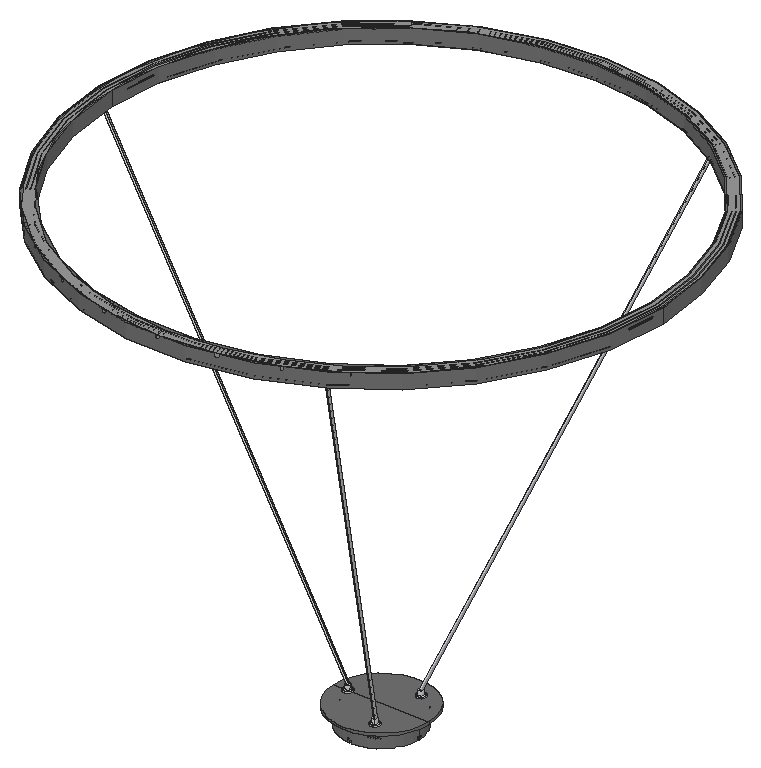
Revit family "_VRD__Vicky_Ring_Downward_100W_3000K_BK", category Lighting Fixtures, host Face, Revit 2022
Family settings
  Host = Face
  Round Connector Dimension = Use Diameter
  Part Type = Normal
  Cut with Voids When Loaded = No
  Light Source = Yes
  Maintain Annotation Orientation = No
  Shared = No
  Room Calculation Point = No
Parameters (values of type "VRD-10059-30901-ACPMK-BK")
  Wattage Comments = "100W"
  Wattage = 57.2229 W
  built-in parameter 1150110 = 1 (stored number, unit not read)
  Voltage = "120-277 V"  # constant formula
  URL = "https://www.abovealllighting.com/product/LED-INDOOR-FIXTURE/Ring/VRDVickyRingDownwardLight.html"
  Type Comments = "Vicky Ring Downward Light"  # constant formula
  built-in parameter 1114217 = 1 (stored number, unit not read)
  Tilt Angle = -90.00°
  built-in parameter 1150109 = 1 (stored number, unit not read)
  built-in parameter 1150134 = (empty or 0)
  built-in parameter 1150113 = 1 (stored number, unit not read)
  Power Factor = 1
  Photometric Web File = "VRD-10059-30901.ies"
  Order number = ""
  Model = "VRD-10059-30901-ACPMK-BK"
  Manufacturer = "Above All Lighting"  # constant formula
  built-in parameter 1150105 = 676.41 (stored number, unit not read)
  Lumens = 8500 lm
  built-in parameter 1150115 = 1 (stored number, unit not read)
  Load Classification = Lighting
  built-in parameter 1150137 = (empty or 0)
  built-in parameter 1150139 = (empty or 0)
  built-in parameter 1150112 = 1 (stored number, unit not read)
  built-in parameter 1150114 = 1 (stored number, unit not read)
  Inside Body Material = none
  Inside Body = no
  Inner Diameter = (Fixture Diameter / 2) - 0' 1 77/256"  # 2' - 4 1/4"
  built-in parameter 1150132 = 2
  built-in parameter 1150102 = (empty or 0)
  built-in parameter 1150107 = 3000 (stored number, unit not read)
  built-in parameter 1150138 = (empty or 0)
  built-in parameter 1150106 = 6.7641 (stored number, unit not read)
  IP Rating = "20"  # constant formula
  H2 = Fixture Height - Canopy Height - 0' 0 67/128"  # 3' - 9 61/128"
  H1 = sqrt((B2 ^ 2) + (H2 ^ 2))  # 4' - 4.31274"
  Fixture Width = 0' - 0"
  Fixture Height = 4' - 0"  # constant formula
  Fixture Diameter = 4' - 11 13/128"
  Finish/Color = Aluminum
  built-in parameter 1150104 = 13.8 (stored number, unit not read)
  Dimming Lamp Color Temperature Shift = <None>
  Dimming / Control = "0-10V"  # constant formula
  Description = "The Vicky Ring light is a unique ring-style light with an LED light source illuminating downward"  # constant formula
  Default Elevation = 0' - 3 1/2"
  D2 = D1 - 0' 1 1/2"  # 0' - 3 1/2"
  D1 = 0' - 5"
  Color Filter = 16777215
  Canopy Height = 0' - 2"
  CRI = "90"  # constant formula
  built-in parameter 1114218 = 1 (stored number, unit not read)
  B2 = B1 - B  # 2' - 1 219/256"
  B1 = (Fixture Diameter / 2) - 0' 0 25/128"  # 2' - 5 91/256"
  B = D1 - 0' 1 1/2"  # 0' - 3 1/2"
  Average life based on 77F(HRS) = "50000"  # constant formula
  built-in parameter 1150133 = 10 (stored number, unit not read)
  Apparent Load = 125 VA
Reference planes (in)
  plane 1 "Center (Front/Back)": y = 0
  plane 2: z = 0
  plane 3 "Center (Left/Right)": x = 0
  plane 4: z = 48
  plane 5: z = 2
  plane 6: x = -3.5
  plane 7: x = -29.35547
  plane 8: z = 49.5
  plane 9: y = -29.35547
  plane 10: y = 29.35547
  plane 11: y = 3.5
  plane 12: y = -3.5
  plane 13: through (0, 0, 48) normal (0.866, 0.5, 0)
  plane 14: through (3.45221, -5.9794, 48) normal (-0.5, 0.866, 0)
Forms (in)
  Revolve 1, solid, material "Aluminum" <- "Finish/Color"
    sketch origin (0, 0, 0) x (1, 0, 0) y (0, 0, 1)
      loop
        line (0, 2) -> (-5, 2) -> (-5, 1.75) -> (-4, 1.75) -> (-4, 0) -> (-3.5, 0) -> (-3.5, 1.75) -> (0, 1.75) -> (0, 2)
      axis (0, 2) -> (0, 0)
    angle from 0 to 360
  Extrusion 2, void
    sketch origin (0, 0, 0) x (1, 0, 0) y (0, 0, 1)
      loop
        line (1.54492, 0.93157) -> (1.65045, 0.93157)
        arc (1.65045, 0.93157) -> (1.66515, 0.93766) -> (1.67124, 0.95236) r 0.02079
        line (1.67124, 0.95236) -> (1.67124, 1.5478)
        arc (1.67124, 1.5478) -> (1.66528, 1.5622) -> (1.65088, 1.56816) r 0.02036
        line (1.65088, 1.56816) -> (1.5441, 1.56816)
        arc (1.5441, 1.56816) -> (1.53013, 1.56238) -> (1.52434, 1.5484) r 0.01976
        line (1.52434, 1.5484) -> (1.52434, 0.95215)
        arc (1.52434, 0.95215) -> (1.53037, 0.9376) -> (1.54492, 0.93157) r 0.02058
      loop
        line (1.79492, 0.93157) -> (1.90045, 0.93157)
        arc (1.90045, 0.93157) -> (1.91515, 0.93766) -> (1.92124, 0.95236) r 0.02079
        line (1.92124, 0.95236) -> (1.92124, 1.5478)
        arc (1.92124, 1.5478) -> (1.91528, 1.5622) -> (1.90088, 1.56816) r 0.02036
        line (1.90088, 1.56816) -> (1.7941, 1.56816)
        arc (1.7941, 1.56816) -> (1.78013, 1.56238) -> (1.77434, 1.5484) r 0.01976
        line (1.77434, 1.5484) -> (1.77434, 0.95215)
        arc (1.77434, 0.95215) -> (1.78037, 0.9376) -> (1.79492, 0.93157) r 0.02058
      loop
        line (2.04492, 0.93157) -> (2.15045, 0.93157)
        arc (2.15045, 0.93157) -> (2.16515, 0.93766) -> (2.17124, 0.95236) r 0.02079
        line (2.17124, 0.95236) -> (2.17124, 1.5478)
        arc (2.17124, 1.5478) -> (2.16528, 1.5622) -> (2.15088, 1.56816) r 0.02036
        line (2.15088, 1.56816) -> (2.0441, 1.56816)
        arc (2.0441, 1.56816) -> (2.03013, 1.56238) -> (2.02434, 1.5484) r 0.01976
        line (2.02434, 1.5484) -> (2.02434, 0.95215)
        arc (2.02434, 0.95215) -> (2.03037, 0.9376) -> (2.04492, 0.93157) r 0.02058
      loop
        line (2.29492, 0.93157) -> (2.40045, 0.93157)
        arc (2.40045, 0.93157) -> (2.41515, 0.93766) -> (2.42124, 0.95236) r 0.02079
        line (2.42124, 0.95236) -> (2.42124, 1.5478)
        arc (2.42124, 1.5478) -> (2.41528, 1.5622) -> (2.40088, 1.56816) r 0.02036
        line (2.40088, 1.56816) -> (2.2941, 1.56816)
        arc (2.2941, 1.56816) -> (2.28013, 1.56238) -> (2.27434, 1.5484) r 0.01976
        line (2.27434, 1.5484) -> (2.27434, 0.95215)
        arc (2.27434, 0.95215) -> (2.28037, 0.9376) -> (2.29492, 0.93157) r 0.02058
    from 0 to 20.83856
  Extrusion 3, void
    sketch origin (0, 0, 0) x (1, 0, 0) y (0, 0, 1)
      loop
        line (0, 0) -> (0.08323, 0) -> (0.08323, 0.26156) -> (0.08323, 0.35543) -> (-0.30219, 0.35543) -> (-0.30219, 0.23813) -> (-0.08323, 0.23813) -> (-0.08323, 0) -> (0, 0)
    from -19.89805 to 22.49483
  Extrusion 4, void
    sketch origin (2.25749, -0.20497, 0) x (0.008711, -0.999962, 0) y (0, 0, 1)
      loop
        line (0, 0) -> (0.08323, 0) -> (0.08323, 0.26156) -> (0.08323, 0.35543) -> (-0.30219, 0.35543) -> (-0.30219, 0.23813) -> (-0.08323, 0.23813) -> (-0.08323, 0) -> (0, 0)
    from -18.61827 to 21.80579
  Revolve 5, solid, material "Default New Material"
    sketch origin (0, 0, 0) x (0, 1, 0) y (0, 0, 1)
      loop
        line (29.41172, 49.50081) -> (28.41172, 49.50081) -> (28.41172, 49.17088) -> (29.41172, 49.17088) -> (29.41172, 49.50081)
      axis (0, 49.50081) -> (0, 49.17088)
    angle from 0 to 360
Cuts and joins
  Extrusion 2, Extrusion 3, Extrusion 4 cuts Revolve 1
Dimensions and locks (in)
  locked: Revolve 1 sketch curve to Revolve 1 sketch curve at 0.25  (x2)
  locked: Revolve 1 sketch curve to Revolve 1 sketch curve at 0.5
  "D1": plane 3 "Center (Left/Right)" to Revolve 1 sketch curve
  "D2": plane 3 "Center (Left/Right)" to Revolve 1 sketch curve
  "Canopy Height": plane 5 to plane 2
  "B": plane 3 "Center (Left/Right)" to plane 6
  "B1": plane 3 "Center (Left/Right)" to plane 7
  "Fixture Height": plane 4 to plane 2
  locked: plane 8 to plane 4 at 1.5
  locked: plane 1 "Center (Front/Back)" to plane 12 at 3.5
  locked: plane 11 to plane 1 "Center (Front/Back)" at 3.5
  "B1": plane 1 "Center (Front/Back)" to plane 9
  "B1": plane 10 to plane 1 "Center (Front/Back)"
  locked: nested 1 to plane 13 (angle 30.00°)
  locked: plane 13 to plane 14 (angle 90.00°)
  aligned and locked: plane 2 to host face
  aligned and locked: level to host face
  aligned and locked: Revolve 1 sketch curve to plane 3 "Center (Left/Right)"
  aligned and locked: Revolve 1 sketch curve to level
  aligned and locked: Extrusion 2 to plane 1 "Center (Front/Back)"
  aligned and locked: plane 4 to nested 1
  aligned and locked: plane 3 "Center (Left/Right)" to nested 1
  aligned and locked: nested 1 to plane 4
  aligned and locked: plane 3 "Center (Left/Right)" to nested 2
  aligned and locked: plane 1 "Center (Front/Back)" to nested 2
  aligned and locked: nested 2 to plane 5
  aligned and locked: plane 4 to imposter light
  aligned and locked: nested 2 to imposter light
Automatic sketch dimensions
  host sketch curve to host sketch curve = 8' - 0"  (x2)
  Extrusion 2 sketch curve to plane 5 = 0' - 0.4516"
  plane 3 "Center (Left/Right)" to Extrusion 2 sketch curve = 0' - 1.52434"
  Extrusion 2 sketch curve to Extrusion 2 sketch curve = 0' - 0.01976"  (x4)
  Extrusion 2 sketch curve to Extrusion 2 sketch curve = 0' - 0.02058"  (x4)
  Extrusion 2 sketch curve to Extrusion 2 sketch curve = 0' - 0.10554"  (x4)
  Extrusion 2 sketch curve to Extrusion 2 sketch curve = 0' - 0.10678"  (x4)
  Extrusion 2 sketch curve to Extrusion 2 sketch curve = 0' - 0.02079"  (x3)
  Extrusion 2 sketch curve to Extrusion 2 sketch curve = 0' - 0.10309"  (x3)
  Extrusion 2 sketch curve to Extrusion 2 sketch curve = 0' - 0.02036"
  Extrusion 2 sketch curve to plane 5 = 0' - 0.4522"
  Extrusion 2 sketch curve to Extrusion 2 sketch curve = 0' - 0.0006"  (x2)
  Extrusion 2 sketch curve to Extrusion 2 sketch curve = 0' - 0.59604"
  Extrusion 2 sketch curve to Extrusion 2 sketch curve = 0' - 0"  (x2)
  Extrusion 2 sketch curve to Extrusion 2 sketch curve = 0' - 0.00021"
  Extrusion 3 sketch curve to level = 0' - 0"
  Extrusion 3 sketch curve to plane 3 "Center (Left/Right)" = 0' - 0"
  Extrusion 3 sketch curve to Extrusion 3 sketch curve = 0' - 0.08323"
  Extrusion 3 sketch curve to Extrusion 3 sketch curve = 0' - 0.21896"
  plane 3 "Center (Left/Right)" to Extrusion 3 sketch curve = 0' - 0.08323"
  level to Extrusion 3 sketch curve = 0' - 0.23813"
  Extrusion 3 sketch curve to Extrusion 3 sketch curve = 0' - 0 3/128"
  Extrusion 3 sketch curve to Extrusion 3 sketch curve = 0' - 0.1173"
  Extrusion 4 sketch curve to level = 0' - 0"
  level to Extrusion 4 sketch curve = 0' - 0.35543"
  Extrusion 4 sketch curve to Extrusion 4 sketch curve = 0' - 0.21896"
  Extrusion 4 sketch curve to Extrusion 4 sketch curve = 0' - 0.08323"  (x2)
  Extrusion 4 sketch curve to Extrusion 4 sketch curve = 0' - 0.1173"
  Extrusion 4 sketch curve to Extrusion 4 sketch curve = 0' - 0.09386"
  Revolve 1 sketch curve to plane 3 "Center (Left/Right)" = 0' - 0"
  Revolve 1 sketch curve to level = 0' - 0"
  Revolve 1 sketch curve to plane 5 = 0' - 0"  (x2)
  plane 8 to Revolve 5 sketch curve = 0' - 0.00081"
  Revolve 5 sketch curve to plane 10 = 0' - 0.05625"
  Revolve 5 sketch curve to plane 8 = 0' - 0.32912"
  Revolve 5 sketch curve to Revolve 5 sketch curve = 0' - 1"
Nested families (in)
  nested 1: "Family2" at (0, 0, 48), Fixture Diameter <- "Fixture Diameter", FINISH <- "Finish/Color", type "Family2"
    with Fixture Diameter 4' - 11 13/128", FINISH Aluminum
  nested 2: "Family7" at (0, 0, 2), BR <- "B", D2 <- "B1", Suspender Length <- "H2", Body Material <- "Finish/Color", type "Family7"
    with Suspender Length 3' - 9 61/128", No. of Bolt 3, D2 2' - 5 91/256", Body Material Aluminum, BR 0' - 3 1/2"
Connectors (in)
  electrical at (0, 0, 0), driven by "Load Classification", driven by "Apparent Load", driven by "Power Factor"
    settings: on Revolve 1, index 1, voltage 0 V, apparent load 125 VA, apparent load phase1 0 VA, apparent load phase2 0 VA, apparent load phase3 0 VA, power factor 1, load classification "Lighting", number of poles 1, system type 30, power factor state 1, is connector primary yes, connector utility no, sub classification motor no, connector description ""
Definition of nested family "Family2"
  Parameters (values of type "Family2")
    Fixture Diameter [instance] = 1' - 11.6"
    FINISH [instance] = none
    Default Elevation = 0' - 0"
  Reference planes (in)
    plane 1 "Center (Front/Back)": y = 0
    plane 2: z = 0
    plane 3 "Center (Left/Right)": x = 0
  Forms (in)
    Sweep 1, solid, material <- "FINISH"
      path origin (0, 0, 0) x (1, 0, 0) y (0, 1, 0)
        loop
          circle (0, 0) r 11.8
      profile origin (0, 11.8, 0) x (0, -1, 0) y (0, 0, 1)
        loop
          line (1.3, 0) -> (1.3, 1.5) -> (0.81492, 1.5) -> (0.81492, 1.375) -> (1.175, 1.375) -> (1.175, 1.19531) -> (0.65, 1.19531) -> (0.125, 1.19531) -> (0.125, 1.375) -> (0.48508, 1.375) -> (0.48508, 1.5) -> (0, 1.5) -> (0, 0) -> (0.10724, 0) -> (0.14914, 0.03516) -> (0.27481, 0.03516) -> (0.65, 0.03516) -> (1.02519, 0.03516) -> (1.15086, 0.03516) -> (1.19276, 0) -> (1.3, 0)
        loop
          line (1.175, 1.07031) -> (0.65, 1.07031) -> (0.125, 1.07031) -> (0.125, 0.82031) -> (0.65, 0.82031) -> (1.175, 0.82031) -> (1.175, 1.07031)
        loop
          line (1.175, 0.69531) -> (0.65, 0.69531) -> (0.125, 0.69531) -> (0.125, 0.21659) -> (0.15135, 0.19814) -> (0.125, 0.17602) -> (0.125, 0.13989) -> (0.19012, 0.13989) -> (0.19012, 0.10156) -> (0.65, 0.10156) -> (1.10988, 0.10156) -> (1.10988, 0.13989) -> (1.175, 0.13989) -> (1.175, 0.17602) -> (1.14865, 0.19814) -> (1.175, 0.21659) -> (1.175, 0.69531)
        loop
          line (1.175, 0.04966) -> (1.175, 0.08691) -> (0.125, 0.08691) -> (0.125, 0.04966) -> (1.175, 0.04966)
        loop
          line (0.46192, 1.39693) -> (0.46192, 1.48302) -> (0.0209, 1.48302) -> (0.0209, 0.02248) -> (0.11163, 0.02248) -> (0.11163, 0.17472) -> (0.13914, 0.1978) -> (0.11163, 0.21706) -> (0.11163, 0.71118) -> (1.19087, 0.71118) -> (1.19087, 0.2182) -> (1.16521, 0.20023) -> (1.19087, 0.1787) -> (1.19087, 0.02248) -> (1.27345, 0.02248) -> (1.27345, 1.48302) -> (0.83681, 1.48302) -> (0.83681, 1.39693) -> (1.19087, 1.39693) -> (1.19087, 1.17007) -> (0.11163, 1.17007) -> (0.11163, 1.39693) -> (0.46192, 1.39693)
        loop
          line (1.19087, 0.79942) -> (1.19087, 1.08714) -> (0.11163, 1.08714) -> (0.11163, 0.79942) -> (1.19087, 0.79942)
  Dimensions and locks (in)
    "Fixture Diameter": diameter of Sweep 1 sketch curve
    aligned and locked: plane 2 to level
  Automatic sketch dimensions
    Sweep 1 sketch curve to level = 0' - 0"  (x2)
    Sweep 1 sketch curve to profile plane = 0' - 1.3"
    Sweep 1 sketch curve to profile plane = 0' - 1 35/128"
    Sweep 1 sketch curve to Sweep 1 sketch curve = 0' - 0.08069"
    Sweep 1 sketch curve to Sweep 1 sketch curve = 0' - 0.00189"
    Sweep 1 sketch curve to profile plane = 0' - 1.19087"  (x2)
    Sweep 1 sketch curve to Sweep 1 sketch curve = 0' - 0"  (x7)
    Sweep 1 sketch curve to Sweep 1 sketch curve = 0' - 0.01587"  (x5)
    Sweep 1 sketch curve to Sweep 1 sketch curve = 0' - 0.00979"
    Sweep 1 sketch curve to Sweep 1 sketch curve = 0' - 0.02414"  (x2)
    Sweep 1 sketch curve to Sweep 1 sketch curve = 0' - 0.01656"
    Sweep 1 sketch curve to Sweep 1 sketch curve = 0' - 0.06512"
    level to Sweep 1 sketch curve = 0' - 0 9/256"
    Sweep 1 sketch curve to Sweep 1 sketch curve = 0' - 0.0847"  (x2)
    Sweep 1 sketch curve to Sweep 1 sketch curve = 0' - 0.33819"
    Sweep 1 sketch curve to Sweep 1 sketch curve = 0' - 0.02189"
    level to Sweep 1 sketch curve = 0' - 0 13/128"
    Sweep 1 sketch curve to Sweep 1 sketch curve = 0' - 0.37519"  (x2)
    Sweep 1 sketch curve to Sweep 1 sketch curve = 0' - 0.16492"  (x2)
    Sweep 1 sketch curve to Sweep 1 sketch curve = 0' - 0.02316"
    level to Sweep 1 sketch curve = 0' - 0.19814"
    Sweep 1 sketch curve to Sweep 1 sketch curve = 0' - 0.03876"
    Sweep 1 sketch curve to Sweep 1 sketch curve = 0' - 0.04098"
    level to Sweep 1 sketch curve = 0' - 0.1978"
    Sweep 1 sketch curve to Sweep 1 sketch curve = 0' - 0.01222"
    Sweep 1 sketch curve to Sweep 1 sketch curve = 0' - 0.33692"
    Sweep 1 sketch curve to Sweep 1 sketch curve = 0' - 0.01414"
    Sweep 1 sketch curve to Sweep 1 sketch curve = 0' - 0.01337"  (x4)
    level to Sweep 1 sketch curve = 0' - 0.17472"
    Sweep 1 sketch curve to Sweep 1 sketch curve = 0' - 0.00439"
    level to Sweep 1 sketch curve = 0' - 0.02248"  (x2)
    Sweep 1 sketch curve to Sweep 1 sketch curve = 0' - 0.08634"
    Sweep 1 sketch curve to Sweep 1 sketch curve = 0' - 0.0209"  (x2)
    Sweep 1 sketch curve to Sweep 1 sketch curve = 0' - 0.0145"
    Sweep 1 sketch curve to Sweep 1 sketch curve = 0' - 0.03726"
    Sweep 1 sketch curve to Sweep 1 sketch curve = 0' - 0.05297"
    Sweep 1 sketch curve to Sweep 1 sketch curve = 0' - 0.03483"
    Sweep 1 sketch curve to Sweep 1 sketch curve = 0' - 0.00131"
    Sweep 1 sketch curve to Sweep 1 sketch curve = 0' - 0.03614"
    Sweep 1 sketch curve to Sweep 1 sketch curve = 0' - 0.00268"
    Sweep 1 sketch curve to Sweep 1 sketch curve = 0' - 0.02211"
    Sweep 1 sketch curve to Sweep 1 sketch curve = 0' - 0.0021"
    Sweep 1 sketch curve to Sweep 1 sketch curve = 0' - 0.01636"
    Sweep 1 sketch curve to Sweep 1 sketch curve = 0' - 0.01879"
    Sweep 1 sketch curve to Sweep 1 sketch curve = 0' - 0.00047"
    Sweep 1 sketch curve to Sweep 1 sketch curve = 0' - 0.00161"
    Sweep 1 sketch curve to Sweep 1 sketch curve = 0' - 0.47711"
    Sweep 1 sketch curve to Sweep 1 sketch curve = 0' - 0.01586"
    Sweep 1 sketch curve to Sweep 1 sketch curve = 0' - 0.08824"
    Sweep 1 sketch curve to Sweep 1 sketch curve = 0' - 0 1/4"
    Sweep 1 sketch curve to Sweep 1 sketch curve = 0' - 0.01682"
    Sweep 1 sketch curve to Sweep 1 sketch curve = 0' - 0.08293"
    Sweep 1 sketch curve to Sweep 1 sketch curve = 0' - 0.02524"
    Sweep 1 sketch curve to Sweep 1 sketch curve = 0' - 0 23/128"  (x2)
    Sweep 1 sketch curve to Sweep 1 sketch curve = 0' - 0.02193"  (x2)
    Sweep 1 sketch curve to Sweep 1 sketch curve = 0' - 0.08609"  (x2)
    Sweep 1 sketch curve to Sweep 1 sketch curve = 0' - 0.01698"  (x2)
    plane 1 "Center (Front/Back)" to Sweep 1 sketch curve = 0' - 0"
    Sweep 1 sketch curve to plane 3 "Center (Left/Right)" = 0' - 0"
Definition of nested family "Family7"
  Parameters (values of type "Family7")
    Suspender Length [instance] = 3' - 0"
    No. of Bolt [instance] = 3
    Default Elevation = 0' - 0"
    D2 [instance] = 3' - 0"
    Body Material [instance] = none
    BR [instance] = 0' - 10"
  Reference planes (in)
    plane 1 "Center (Front/Back)": y = 0
    plane 2: z = 0
    plane 3 "Center (Left/Right)": x = 0
    plane 4: z = 0.52531
  Dimensions and locks (in)
    locked: plane 4 to plane 2 at 0.52531
    "BR": radius of radial array
    aligned and locked: plane 2 to level
    aligned and locked: plane 4 to nested 4
  Nested families (in)
    nested 1: "Family6" at (-10, 0, 0), type "Family6"
    nested 2: "Family6" at (5, -8.66025, 0) x (-0.5, 0.866, 0) z (0, 0, 1), type "Family6"
    nested 3: "Family6" at (5, 8.66025, 0) x (-0.5, -0.866, 0) z (0, 0, 1), type "Family6"
    nested 4: "Family5" at (0, 0, 0.5985), A1 <- "BR", D2 <- "D2", Suspender Height <- "Suspender Length", type "Family5"
      with Suspender Height 3' - 0", H1 3' - 8.40721", D3 2' - 2", D2 3' - 0", A1 0' - 10"
    nested 5: "Family5" at (0, 0, 0.5985) x (-0.5, 0.866, 0) z (0, 0, 1), A1 <- "BR", D2 <- "D2", Suspender Height <- "Suspender Length", type "Family5"
      with Suspender Height 3' - 0", H1 3' - 8.40721", D3 2' - 2", D2 3' - 0", A1 0' - 10"
    nested 6: "Family5" at (0, 0, 0.5985) x (-0.5, -0.866, 0) z (0, 0, 1), A1 <- "BR", D2 <- "D2", Suspender Height <- "Suspender Length", type "Family5"
      with Suspender Height 3' - 0", H1 3' - 8.40721", D3 2' - 2", D2 3' - 0", A1 0' - 10"
  Definition of nested family "Family6"
    Parameters
      Default Elevation = 0' - 0"
    Reference planes (in)
      plane 1 "Center (Front/Back)": y = 0
      plane 2: z = 0
      plane 3 "Center (Left/Right)": x = 0
    Forms (in)
      Revolve 1, solid
        sketch origin (0, 0, 0) x (1, 0, 0) y (0, 0, 1)
          loop
            line (0, 0) -> (0, 0.52531) -> (-0.25155, 0.52531) -> (-0.25155, 0.15262)
            arc (-0.25155, 0.15262) -> (-0.27805, 0.08864) -> (-0.34203, 0.06214) r 0.09048
            line (-0.34203, 0.06214) -> (-0.4769, 0.06214) -> (-0.4769, 0) -> (0, 0)
          axis (0, 0) -> (0, 0.52531)
        angle from 0 to 360
    Lines and regions (in)
      model lines
        curve 1: line (0, 0, 0.52531) -> (0, 0, 0)
    Dimensions and locks (in)
      aligned and locked: plane 2 to level
  Definition of nested family "Family5"
    Parameters (values of type "Family5")
      Suspender Height [instance] = 2' - 3.30679"
      H1 [instance] = sqrt(D3 ^ 2 + Suspender Height ^ 2)  # 3' - 1.49148"
      Default Elevation = 0' - 0"
      D3 [instance] = D2 - A1  # 2' - 1.6895"
      D2 [instance] = 3' - 0"
      A1 [instance] = 0' - 10.3105"
    Reference planes (in)
      plane 1 "Center (Front/Back)": y = 0
      plane 2: z = 0
      plane 3 "Center (Left/Right)": x = 0
      plane 4: x = -36
      plane 5: x = -10.3105
      plane 6: z = 27.30679
      plane 7: through (-10.3105, -180, 0) normal (-0.7071, 0, 0.7071)
    Forms (in)
      Sweep 1, solid
        path origin (0, 0, 0) x (1, 0, 0) y (0, 0, 1)
          loop
            line (-10.3105, 0) -> (-36, 27.30679)
        profile origin (-23.15525, 0, 13.65339) x (-0.728346, 0, -0.685209) y (0, -1, 0)
          loop
            circle (0, 0) r 0.125
    Dimensions and locks (in)
      "D2": plane 3 "Center (Left/Right)" to plane 4
      "A1": plane 3 "Center (Left/Right)" to plane 5
      "Suspender Height": plane 6 to plane 2
      "H1": Sweep 1 sketch curve to Sweep 1 sketch curve
      locked: Sweep 1 sketch curve to profile plane  (x2)
      aligned and locked: plane 2 to level
      aligned and locked: plane 2 to Sweep 1 sketch curve
      aligned and locked: plane 5 to Sweep 1 sketch curve
      aligned and locked: plane 4 to Sweep 1 sketch curve
    Automatic sketch dimensions
      radius of Sweep 1 sketch curve = 0' - 0 1/8"
